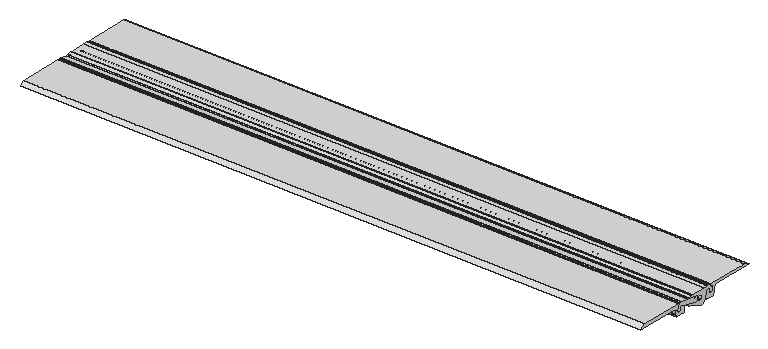
Revit family "Construction-Floors-Conecto-Aluminium Joints ALU AL.78.10", category Specialty Equipment, Revit 2015 (continued)
Definition of nested family "Standard"
  Automatic sketch dimensions
    Extrusion 11 sketch curve to Extrusion 11 sketch curve = 2.078 mm
    plane 5 to Extrusion 11 sketch curve = 16.425 mm
    Extrusion 11 sketch curve to Extrusion 11 sketch curve = 0.009 mm
    Extrusion 11 sketch curve to Extrusion 11 sketch curve = 0.041 mm
    Extrusion 11 sketch curve to Extrusion 11 sketch curve = 0.911 mm  (x2)
    Extrusion 11 sketch curve to Extrusion 11 sketch curve = 2.3 mm
    Extrusion 11 sketch curve to Extrusion 11 sketch curve = 2.339 mm
    Extrusion 11 sketch curve to Extrusion 11 sketch curve = 0.027 mm
    Extrusion 11 sketch curve to Extrusion 11 sketch curve = 0.499 mm
    Extrusion 11 sketch curve to Extrusion 11 sketch curve = 0.837 mm
    Extrusion 11 sketch curve to Extrusion 11 sketch curve = 0.786 mm  (x2)
    Extrusion 11 sketch curve to Extrusion 11 sketch curve = 0.774 mm  (x2)
    Extrusion 11 sketch curve to Extrusion 11 sketch curve = 0.425 mm
    Extrusion 11 sketch curve to Extrusion 11 sketch curve = 0.097 mm
    Extrusion 11 sketch curve to Extrusion 11 sketch curve = 0.246 mm
    Extrusion 11 sketch curve to Extrusion 11 sketch curve = 0.831 mm
    Extrusion 11 sketch curve to Extrusion 11 sketch curve = 0.349 mm
    Extrusion 11 sketch curve to Extrusion 11 sketch curve = 0.778 mm
    Extrusion 11 sketch curve to Extrusion 11 sketch curve = 0.491 mm  (x2)
    plane 5 to Extrusion 11 sketch curve = 11.198 mm
    Extrusion 11 sketch curve to Extrusion 11 sketch curve = 0.697 mm
    Extrusion 11 sketch curve to Extrusion 11 sketch curve = 3.355 mm
    Extrusion 11 sketch curve to Extrusion 11 sketch curve = 0.719 mm
    Extrusion 11 sketch curve to Extrusion 11 sketch curve = 0.595 mm
    Extrusion 11 sketch curve to Extrusion 11 sketch curve = 0.672 mm
    Extrusion 11 sketch curve to Extrusion 11 sketch curve = 0.908 mm
    Extrusion 11 sketch curve to Extrusion 11 sketch curve = 0.74 mm
    Extrusion 11 sketch curve to Extrusion 11 sketch curve = 0.885 mm  (x2)
    Extrusion 11 sketch curve to Extrusion 11 sketch curve = 0.607 mm
    Extrusion 11 sketch curve to Extrusion 11 sketch curve = 0.827 mm
    Extrusion 11 sketch curve to Extrusion 11 sketch curve = 2.153 mm
    Extrusion 11 sketch curve to Extrusion 11 sketch curve = 0.459 mm
    Extrusion 11 sketch curve to Extrusion 11 sketch curve = 0.775 mm
    Extrusion 11 sketch curve to Extrusion 11 sketch curve = 0.787 mm
    Extrusion 11 sketch curve to Extrusion 11 sketch curve = 4.161 mm
    Extrusion 11 sketch curve to Extrusion 11 sketch curve = 0.155 mm
    Extrusion 11 sketch curve to Extrusion 11 sketch curve = 2.645 mm
    Extrusion 11 sketch curve to Extrusion 11 sketch curve = 0.258 mm
    Extrusion 11 sketch curve to Extrusion 11 sketch curve = 0.789 mm
    Extrusion 11 sketch curve to Extrusion 11 sketch curve = 0.379 mm
    Extrusion 11 sketch curve to Extrusion 11 sketch curve = 0.889 mm
    Extrusion 11 sketch curve to Extrusion 11 sketch curve = 0.488 mm
    Extrusion 11 sketch curve to Extrusion 11 sketch curve = 1.704 mm
    Extrusion 11 sketch curve to Extrusion 11 sketch curve = 0.741 mm
    Extrusion 11 sketch curve to Extrusion 11 sketch curve = 0.656 mm  (x2)
    Extrusion 11 sketch curve to Extrusion 11 sketch curve = 0.298 mm
    Extrusion 11 sketch curve to Extrusion 11 sketch curve = 0.771 mm
    Extrusion 11 sketch curve to Extrusion 11 sketch curve = 0.877 mm
    Extrusion 11 sketch curve to Extrusion 11 sketch curve = 0.492 mm
    Extrusion 11 sketch curve to Extrusion 11 sketch curve = 0.714 mm
    Extrusion 11 sketch curve to Extrusion 11 sketch curve = 0.418 mm
    Extrusion 11 sketch curve to Extrusion 11 sketch curve = 0.776 mm
    Extrusion 11 sketch curve to Extrusion 11 sketch curve = 0.629 mm
    Extrusion 11 sketch curve to Extrusion 11 sketch curve = 0.721 mm
    Extrusion 11 sketch curve to Extrusion 11 sketch curve = 0.523 mm
    Extrusion 11 sketch curve to Extrusion 11 sketch curve = 0.922 mm
    Extrusion 11 sketch curve to Extrusion 11 sketch curve = 0.347 mm
    Extrusion 11 sketch curve to Extrusion 11 sketch curve = 0.484 mm
    Extrusion 11 sketch curve to Extrusion 11 sketch curve = 0.085 mm
    Extrusion 11 sketch curve to Extrusion 11 sketch curve = 0.931 mm
    Extrusion 11 sketch curve to Extrusion 11 sketch curve = 0.833 mm
    plane 5 to Extrusion 11 sketch curve = 2.025 mm  (x2)
    Extrusion 11 sketch curve to Extrusion 11 sketch curve = 0.81 mm
    plane 5 to Extrusion 11 sketch curve = 0.891 mm  (x2)
    plane 5 to Extrusion 11 sketch curve = 0.11 mm
    Extrusion 11 sketch curve to Extrusion 11 sketch curve = 0.601 mm
    Extrusion 11 sketch curve to Extrusion 11 sketch curve = 0.78 mm
    Extrusion 11 sketch curve to Extrusion 11 sketch curve = 0.804 mm
    Extrusion 11 sketch curve to Extrusion 11 sketch curve = 0.811 mm
    Extrusion 11 sketch curve to Extrusion 11 sketch curve = 2.532 mm
    Extrusion 11 sketch curve to Extrusion 11 sketch curve = 0.993 mm
    Extrusion 11 sketch curve to Extrusion 11 sketch curve = 0.391 mm
    Extrusion 11 sketch curve to Extrusion 11 sketch curve = 0.063 mm
    Extrusion 11 sketch curve to Extrusion 11 sketch curve = 0.673 mm
    Extrusion 11 sketch curve to Extrusion 11 sketch curve = 0.38 mm
    Extrusion 11 sketch curve to Extrusion 11 sketch curve = 0.252 mm
    Extrusion 11 sketch curve to Extrusion 11 sketch curve = 0.151 mm
    Extrusion 11 sketch curve to Extrusion 11 sketch curve = 3.295 mm  (x2)
    Extrusion 11 sketch curve to Extrusion 11 sketch curve = 2.553 mm
    Extrusion 11 sketch curve to Extrusion 11 sketch curve = 0.406 mm
    Extrusion 11 sketch curve to Extrusion 11 sketch curve = 3.77 mm
    Extrusion 11 sketch curve to Extrusion 11 sketch curve = 0.794 mm
    Extrusion 11 sketch curve to Extrusion 11 sketch curve = 63.318 mm
    Extrusion 11 sketch curve to Extrusion 11 sketch curve = 1.56 mm
    Extrusion 11 sketch curve to Extrusion 11 sketch curve = 0.918 mm
    Extrusion 11 sketch curve to Extrusion 11 sketch curve = 0.284 mm
    Extrusion 11 sketch curve to Extrusion 11 sketch curve = 0.587 mm
    Extrusion 11 sketch curve to Extrusion 11 sketch curve = 1.2 mm
    Extrusion 11 sketch curve to Extrusion 11 sketch curve = 1.911 mm
    Extrusion 11 sketch curve to Extrusion 11 sketch curve = 0.578 mm
    Extrusion 11 sketch curve to Extrusion 11 sketch curve = 4.832 mm
    Extrusion 11 sketch curve to Extrusion 11 sketch curve = 0.912 mm
    Extrusion 11 sketch curve to Extrusion 11 sketch curve = 0.917 mm
    Extrusion 11 sketch curve to Extrusion 11 sketch curve = 2.428 mm
    Extrusion 11 sketch curve to Extrusion 11 sketch curve = 0.795 mm
    Extrusion 11 sketch curve to Extrusion 11 sketch curve = 0.87 mm
    Extrusion 11 sketch curve to Extrusion 11 sketch curve = 2.001 mm
    Extrusion 11 sketch curve to Extrusion 11 sketch curve = 1.1 mm
    Extrusion 11 sketch curve to Extrusion 11 sketch curve = 1.105 mm
    Extrusion 11 sketch curve to Extrusion 11 sketch curve = 1.16 mm
    Extrusion 11 sketch curve to Extrusion 11 sketch curve = 0.798 mm
    Extrusion 11 sketch curve to Extrusion 11 sketch curve = 0.812 mm
    Extrusion 11 sketch curve to Extrusion 11 sketch curve = 1.3 mm
    Extrusion 11 sketch curve to Extrusion 11 sketch curve = 1.589 mm
    Extrusion 11 sketch curve to Extrusion 11 sketch curve = 0.729 mm
    Extrusion 11 sketch curve to Extrusion 11 sketch curve = 0.181 mm
    Extrusion 11 sketch curve to Extrusion 11 sketch curve = 0.71 mm
    Extrusion 11 sketch curve to Extrusion 11 sketch curve = 0.699 mm
    Extrusion 11 sketch curve to Extrusion 11 sketch curve = 0.638 mm
    Extrusion 11 sketch curve to Extrusion 11 sketch curve = 0.506 mm
    Extrusion 11 sketch curve to Extrusion 11 sketch curve = 0.373 mm
    Extrusion 11 sketch curve to Extrusion 11 sketch curve = 0.208 mm
    Extrusion 11 sketch curve to Extrusion 11 sketch curve = 0.144 mm
    Extrusion 11 sketch curve to Extrusion 11 sketch curve = 1.895 mm
    Extrusion 11 sketch curve to Extrusion 11 sketch curve = 0.735 mm
    Extrusion 11 sketch curve to Extrusion 11 sketch curve = 1.073 mm  (x2)
    Extrusion 11 sketch curve to Extrusion 11 sketch curve = 0.031 mm
    Extrusion 11 sketch curve to Extrusion 11 sketch curve = 0.237 mm
    Extrusion 11 sketch curve to Extrusion 11 sketch curve = 0.765 mm
    Extrusion 11 sketch curve to Extrusion 11 sketch curve = 2.288 mm
    plane 5 to Extrusion 12 sketch curve = 76.237 mm
    Extrusion 12 sketch curve to Extrusion 12 sketch curve = 0.134 mm
    Extrusion 12 sketch curve to Extrusion 12 sketch curve = 0.685 mm  (x2)
    Extrusion 12 sketch curve to Extrusion 12 sketch curve = 0.826 mm
    Extrusion 12 sketch curve to Extrusion 12 sketch curve = 1.425 mm
    Extrusion 12 sketch curve to Extrusion 12 sketch curve = 2.071 mm
    plane 5 to Extrusion 12 sketch curve = 16.425 mm
    Extrusion 12 sketch curve to Extrusion 12 sketch curve = 0.009 mm
    Extrusion 12 sketch curve to Extrusion 12 sketch curve = 0.041 mm
    Extrusion 12 sketch curve to Extrusion 12 sketch curve = 0.911 mm  (x2)
    Extrusion 12 sketch curve to Extrusion 12 sketch curve = 2.3 mm
    Extrusion 12 sketch curve to Extrusion 12 sketch curve = 2.339 mm
    Extrusion 12 sketch curve to Extrusion 12 sketch curve = 0.027 mm
    Extrusion 12 sketch curve to Extrusion 12 sketch curve = 0.499 mm
    Extrusion 12 sketch curve to Extrusion 12 sketch curve = 0.837 mm
    Extrusion 12 sketch curve to Extrusion 12 sketch curve = 0.786 mm  (x2)
    Extrusion 12 sketch curve to Extrusion 12 sketch curve = 0.774 mm  (x2)
    Extrusion 12 sketch curve to Extrusion 12 sketch curve = 0.425 mm
    Extrusion 12 sketch curve to Extrusion 12 sketch curve = 0.097 mm
    Extrusion 12 sketch curve to Extrusion 12 sketch curve = 0.246 mm
    Extrusion 12 sketch curve to Extrusion 12 sketch curve = 0.831 mm
    Extrusion 12 sketch curve to Extrusion 12 sketch curve = 0.349 mm
    Extrusion 12 sketch curve to Extrusion 12 sketch curve = 0.778 mm
    Extrusion 12 sketch curve to Extrusion 12 sketch curve = 0.491 mm  (x2)
    Extrusion 12 sketch curve to Extrusion 12 sketch curve = 0.697 mm
    Extrusion 12 sketch curve to Extrusion 12 sketch curve = 3.355 mm
    Extrusion 12 sketch curve to Extrusion 12 sketch curve = 0.719 mm
    Extrusion 12 sketch curve to Extrusion 12 sketch curve = 0.595 mm
    Extrusion 12 sketch curve to Extrusion 12 sketch curve = 0.672 mm
    Extrusion 12 sketch curve to Extrusion 12 sketch curve = 0.908 mm
    Extrusion 12 sketch curve to Extrusion 12 sketch curve = 0.74 mm
    Extrusion 12 sketch curve to Extrusion 12 sketch curve = 0.885 mm  (x2)
    Extrusion 12 sketch curve to Extrusion 12 sketch curve = 0.607 mm
    Extrusion 12 sketch curve to Extrusion 12 sketch curve = 0.827 mm
    Extrusion 12 sketch curve to Extrusion 12 sketch curve = 0.459 mm
    plane 5 to Extrusion 12 sketch curve = 8.705 mm
    Extrusion 12 sketch curve to Extrusion 12 sketch curve = 0.775 mm
    Extrusion 12 sketch curve to Extrusion 12 sketch curve = 0.787 mm
    Extrusion 12 sketch curve to Extrusion 12 sketch curve = 4.161 mm
    Extrusion 12 sketch curve to Extrusion 12 sketch curve = 0.155 mm
    Extrusion 12 sketch curve to Extrusion 12 sketch curve = 2.645 mm
    Extrusion 12 sketch curve to Extrusion 12 sketch curve = 0.258 mm
    Extrusion 12 sketch curve to Extrusion 12 sketch curve = 0.789 mm
    Extrusion 12 sketch curve to Extrusion 12 sketch curve = 0.379 mm
    Extrusion 12 sketch curve to Extrusion 12 sketch curve = 0.889 mm
    Extrusion 12 sketch curve to Extrusion 12 sketch curve = 0.488 mm
    Extrusion 12 sketch curve to Extrusion 12 sketch curve = 0.741 mm
    Extrusion 12 sketch curve to Extrusion 12 sketch curve = 0.656 mm  (x2)
    Extrusion 12 sketch curve to Extrusion 12 sketch curve = 0.298 mm
    Extrusion 12 sketch curve to Extrusion 12 sketch curve = 2.115 mm
    Extrusion 12 sketch curve to Extrusion 12 sketch curve = 0.877 mm
    Extrusion 12 sketch curve to Extrusion 12 sketch curve = 0.492 mm
    Extrusion 12 sketch curve to Extrusion 12 sketch curve = 0.714 mm
    Extrusion 12 sketch curve to Extrusion 12 sketch curve = 0.273 mm
    Extrusion 12 sketch curve to Extrusion 12 sketch curve = 0.776 mm
    Extrusion 12 sketch curve to Extrusion 12 sketch curve = 0.629 mm
    Extrusion 12 sketch curve to Extrusion 12 sketch curve = 0.721 mm
    Extrusion 12 sketch curve to Extrusion 12 sketch curve = 0.523 mm
    Extrusion 12 sketch curve to Extrusion 12 sketch curve = 0.922 mm
    Extrusion 12 sketch curve to Extrusion 12 sketch curve = 0.347 mm
    Extrusion 12 sketch curve to Extrusion 12 sketch curve = 0.484 mm
    Extrusion 12 sketch curve to Extrusion 12 sketch curve = 0.085 mm
    Extrusion 12 sketch curve to Extrusion 12 sketch curve = 0.931 mm
    Extrusion 12 sketch curve to Extrusion 12 sketch curve = 0.833 mm
    plane 5 to Extrusion 12 sketch curve = 2.025 mm  (x2)
    Extrusion 12 sketch curve to Extrusion 12 sketch curve = 0.81 mm
    plane 5 to Extrusion 12 sketch curve = 0.891 mm  (x2)
    plane 5 to Extrusion 12 sketch curve = 0.11 mm
    Extrusion 12 sketch curve to Extrusion 12 sketch curve = 0.218 mm
    Extrusion 12 sketch curve to Extrusion 12 sketch curve = 0.428 mm
    Extrusion 12 sketch curve to Extrusion 12 sketch curve = 0.38 mm
    Extrusion 12 sketch curve to Extrusion 12 sketch curve = 0.252 mm
    Extrusion 12 sketch curve to Extrusion 12 sketch curve = 0.151 mm
    Extrusion 12 sketch curve to Extrusion 12 sketch curve = 1.986 mm
    Extrusion 12 sketch curve to Extrusion 12 sketch curve = 2.553 mm
    Extrusion 12 sketch curve to Extrusion 12 sketch curve = 0.406 mm
    Extrusion 12 sketch curve to Extrusion 12 sketch curve = 3.77 mm
    Extrusion 12 sketch curve to Extrusion 12 sketch curve = 0.794 mm
    Extrusion 12 sketch curve to Extrusion 12 sketch curve = 53.088 mm
    Extrusion 12 sketch curve to Extrusion 12 sketch curve = 1.637 mm
    Extrusion 12 sketch curve to Extrusion 12 sketch curve = 1.221 mm
    Extrusion 12 sketch curve to Extrusion 12 sketch curve = 1.196 mm
    Extrusion 12 sketch curve to Extrusion 12 sketch curve = 1.911 mm
    Extrusion 12 sketch curve to Extrusion 12 sketch curve = 0.578 mm
    Extrusion 12 sketch curve to Extrusion 12 sketch curve = 0.175 mm
    Extrusion 12 sketch curve to Extrusion 12 sketch curve = 0.673 mm
    Extrusion 12 sketch curve to Extrusion 12 sketch curve = 3.295 mm  (x2)
    Extrusion 12 sketch curve to Extrusion 12 sketch curve = 0.993 mm
    Extrusion 12 sketch curve to Extrusion 12 sketch curve = 0.811 mm
    Extrusion 12 sketch curve to Extrusion 12 sketch curve = 0.804 mm
    Extrusion 12 sketch curve to Extrusion 12 sketch curve = 2.532 mm
    Extrusion 12 sketch curve to Extrusion 12 sketch curve = 0.601 mm
    Extrusion 12 sketch curve to Extrusion 12 sketch curve = 0.912 mm
    Extrusion 12 sketch curve to Extrusion 12 sketch curve = 0.917 mm
    Extrusion 12 sketch curve to Extrusion 12 sketch curve = 2.428 mm
    Extrusion 12 sketch curve to Extrusion 12 sketch curve = 0.795 mm
    Extrusion 12 sketch curve to Extrusion 12 sketch curve = 0.87 mm
    Extrusion 12 sketch curve to Extrusion 12 sketch curve = 2.001 mm
    Extrusion 12 sketch curve to Extrusion 12 sketch curve = 1.1 mm
    Extrusion 12 sketch curve to Extrusion 12 sketch curve = 1.105 mm
    Extrusion 12 sketch curve to Extrusion 12 sketch curve = 1.16 mm
    Extrusion 12 sketch curve to Extrusion 12 sketch curve = 0.798 mm
    Extrusion 12 sketch curve to Extrusion 12 sketch curve = 0.812 mm
    Extrusion 12 sketch curve to Extrusion 12 sketch curve = 1.3 mm
    Extrusion 12 sketch curve to Extrusion 12 sketch curve = 1.589 mm
    Extrusion 12 sketch curve to Extrusion 12 sketch curve = 0.729 mm
    Extrusion 12 sketch curve to Extrusion 12 sketch curve = 0.181 mm
    Extrusion 12 sketch curve to Extrusion 12 sketch curve = 0.71 mm
    Extrusion 12 sketch curve to Extrusion 12 sketch curve = 0.699 mm
    Extrusion 12 sketch curve to Extrusion 12 sketch curve = 0.638 mm
    Extrusion 12 sketch curve to Extrusion 12 sketch curve = 0.506 mm
    Extrusion 12 sketch curve to Extrusion 12 sketch curve = 0.373 mm
    Extrusion 12 sketch curve to Extrusion 12 sketch curve = 0.208 mm
    Extrusion 12 sketch curve to Extrusion 12 sketch curve = 0.144 mm
    Extrusion 12 sketch curve to Extrusion 12 sketch curve = 1.895 mm
    Extrusion 12 sketch curve to Extrusion 12 sketch curve = 0.735 mm
    Extrusion 12 sketch curve to Extrusion 12 sketch curve = 1.073 mm  (x2)
    Extrusion 12 sketch curve to Extrusion 12 sketch curve = 0.031 mm
    Extrusion 12 sketch curve to Extrusion 12 sketch curve = 0.237 mm
    Extrusion 12 sketch curve to Extrusion 12 sketch curve = 0.765 mm
    Extrusion 12 sketch curve to Extrusion 12 sketch curve = 1.007 mm
    plane 5 to Extrusion 13 sketch curve = 76.337 mm
    Extrusion 13 sketch curve to Extrusion 13 sketch curve = 0.134 mm
    Extrusion 13 sketch curve to Extrusion 13 sketch curve = 0.685 mm  (x2)
    Extrusion 13 sketch curve to Extrusion 13 sketch curve = 0.826 mm
    Extrusion 13 sketch curve to Extrusion 13 sketch curve = 1.425 mm
    Extrusion 13 sketch curve to Extrusion 13 sketch curve = 2.203 mm
    plane 5 to Extrusion 13 sketch curve = 16.425 mm
    Extrusion 13 sketch curve to Extrusion 13 sketch curve = 0.009 mm
    Extrusion 13 sketch curve to Extrusion 13 sketch curve = 0.032 mm
    Extrusion 13 sketch curve to Extrusion 13 sketch curve = 0.911 mm  (x2)
    Extrusion 13 sketch curve to Extrusion 13 sketch curve = 2.3 mm
    Extrusion 13 sketch curve to Extrusion 13 sketch curve = 2.339 mm
    Extrusion 13 sketch curve to Extrusion 13 sketch curve = 0.027 mm
    Extrusion 13 sketch curve to Extrusion 13 sketch curve = 0.499 mm
    Extrusion 13 sketch curve to Extrusion 13 sketch curve = 0.837 mm
    Extrusion 13 sketch curve to Extrusion 13 sketch curve = 0.786 mm  (x2)
    Extrusion 13 sketch curve to Extrusion 13 sketch curve = 0.774 mm  (x2)
    Extrusion 13 sketch curve to Extrusion 13 sketch curve = 0.425 mm
    Extrusion 13 sketch curve to Extrusion 13 sketch curve = 0.097 mm
    Extrusion 13 sketch curve to Extrusion 13 sketch curve = 0.246 mm
    Extrusion 13 sketch curve to Extrusion 13 sketch curve = 0.831 mm
    Extrusion 13 sketch curve to Extrusion 13 sketch curve = 0.349 mm
    Extrusion 13 sketch curve to Extrusion 13 sketch curve = 0.778 mm
    Extrusion 13 sketch curve to Extrusion 13 sketch curve = 0.491 mm  (x2)
    plane 5 to Extrusion 13 sketch curve = 11.216 mm
    Extrusion 13 sketch curve to Extrusion 13 sketch curve = 0.697 mm
    Extrusion 13 sketch curve to Extrusion 13 sketch curve = 3.355 mm
    Extrusion 13 sketch curve to Extrusion 13 sketch curve = 0.719 mm
    Extrusion 13 sketch curve to Extrusion 13 sketch curve = 0.595 mm
    Extrusion 13 sketch curve to Extrusion 13 sketch curve = 0.672 mm
    Extrusion 13 sketch curve to Extrusion 13 sketch curve = 0.908 mm
    Extrusion 13 sketch curve to Extrusion 13 sketch curve = 0.74 mm
    Extrusion 13 sketch curve to Extrusion 13 sketch curve = 0.885 mm  (x2)
    Extrusion 13 sketch curve to Extrusion 13 sketch curve = 0.607 mm
    Extrusion 13 sketch curve to Extrusion 13 sketch curve = 0.827 mm
    Extrusion 13 sketch curve to Extrusion 13 sketch curve = 0.459 mm
    Extrusion 13 sketch curve to Extrusion 13 sketch curve = 0.775 mm
    Extrusion 13 sketch curve to Extrusion 13 sketch curve = 2.808 mm
    Extrusion 13 sketch curve to Extrusion 13 sketch curve = 0.787 mm
    Extrusion 13 sketch curve to Extrusion 13 sketch curve = 4.161 mm
    Extrusion 13 sketch curve to Extrusion 13 sketch curve = 0.155 mm
    Extrusion 13 sketch curve to Extrusion 13 sketch curve = 2.645 mm
    Extrusion 13 sketch curve to Extrusion 13 sketch curve = 0.258 mm
    Extrusion 13 sketch curve to Extrusion 13 sketch curve = 0.789 mm
    Extrusion 13 sketch curve to Extrusion 13 sketch curve = 0.379 mm
    Extrusion 13 sketch curve to Extrusion 13 sketch curve = 0.889 mm
    Extrusion 13 sketch curve to Extrusion 13 sketch curve = 0.488 mm
    Extrusion 13 sketch curve to Extrusion 13 sketch curve = 0.741 mm
    Extrusion 13 sketch curve to Extrusion 13 sketch curve = 1.325 mm
    Extrusion 13 sketch curve to Extrusion 13 sketch curve = 0.656 mm  (x2)
    Extrusion 13 sketch curve to Extrusion 13 sketch curve = 0.298 mm
    Extrusion 13 sketch curve to Extrusion 13 sketch curve = 0.877 mm
    Extrusion 13 sketch curve to Extrusion 13 sketch curve = 0.492 mm
    Extrusion 13 sketch curve to Extrusion 13 sketch curve = 0.714 mm
    Extrusion 13 sketch curve to Extrusion 13 sketch curve = 0.273 mm
    Extrusion 13 sketch curve to Extrusion 13 sketch curve = 0.776 mm
    Extrusion 13 sketch curve to Extrusion 13 sketch curve = 0.629 mm
    Extrusion 13 sketch curve to Extrusion 13 sketch curve = 0.721 mm
    Extrusion 13 sketch curve to Extrusion 13 sketch curve = 0.523 mm
    Extrusion 13 sketch curve to Extrusion 13 sketch curve = 0.922 mm
    Extrusion 13 sketch curve to Extrusion 13 sketch curve = 0.347 mm
    Extrusion 13 sketch curve to Extrusion 13 sketch curve = 0.484 mm
    Extrusion 13 sketch curve to Extrusion 13 sketch curve = 0.085 mm
    Extrusion 13 sketch curve to Extrusion 13 sketch curve = 0.931 mm
    Extrusion 13 sketch curve to Extrusion 13 sketch curve = 0.833 mm
    plane 5 to Extrusion 13 sketch curve = 2.025 mm  (x2)
    Extrusion 13 sketch curve to Extrusion 13 sketch curve = 0.81 mm
    plane 5 to Extrusion 13 sketch curve = 0.891 mm  (x2)
    plane 5 to Extrusion 13 sketch curve = 0.11 mm
    Extrusion 13 sketch curve to Extrusion 13 sketch curve = 0.218 mm
    Extrusion 13 sketch curve to Extrusion 13 sketch curve = 0.428 mm
    Extrusion 13 sketch curve to Extrusion 13 sketch curve = 0.38 mm
    Extrusion 13 sketch curve to Extrusion 13 sketch curve = 0.252 mm
    Extrusion 13 sketch curve to Extrusion 13 sketch curve = 0.151 mm
    Extrusion 13 sketch curve to Extrusion 13 sketch curve = 1.986 mm
    Extrusion 13 sketch curve to Extrusion 13 sketch curve = 2.553 mm
    Extrusion 13 sketch curve to Extrusion 13 sketch curve = 0.406 mm
    Extrusion 13 sketch curve to Extrusion 13 sketch curve = 3.77 mm
    Extrusion 13 sketch curve to Extrusion 13 sketch curve = 0.794 mm
    Extrusion 13 sketch curve to Extrusion 13 sketch curve = 44.368 mm
    Extrusion 13 sketch curve to Extrusion 13 sketch curve = 1.15 mm
    Extrusion 13 sketch curve to Extrusion 13 sketch curve = 0.704 mm
    Extrusion 13 sketch curve to Extrusion 13 sketch curve = 1.272 mm
    Extrusion 13 sketch curve to Extrusion 13 sketch curve = 1.911 mm
    Extrusion 13 sketch curve to Extrusion 13 sketch curve = 0.578 mm
    Extrusion 13 sketch curve to Extrusion 13 sketch curve = 5.129 mm
    Extrusion 13 sketch curve to Extrusion 13 sketch curve = 0.673 mm
    Extrusion 13 sketch curve to Extrusion 13 sketch curve = 3.295 mm  (x2)
    Extrusion 13 sketch curve to Extrusion 13 sketch curve = 0.993 mm
    Extrusion 13 sketch curve to Extrusion 13 sketch curve = 0.811 mm
    Extrusion 13 sketch curve to Extrusion 13 sketch curve = 0.804 mm
    Extrusion 13 sketch curve to Extrusion 13 sketch curve = 2.532 mm
    Extrusion 13 sketch curve to Extrusion 13 sketch curve = 0.601 mm
    Extrusion 13 sketch curve to Extrusion 13 sketch curve = 0.302 mm
    Extrusion 13 sketch curve to Extrusion 13 sketch curve = 0.912 mm
    Extrusion 13 sketch curve to Extrusion 13 sketch curve = 0.917 mm
    Extrusion 13 sketch curve to Extrusion 13 sketch curve = 2.428 mm
    Extrusion 13 sketch curve to Extrusion 13 sketch curve = 0.795 mm
    Extrusion 13 sketch curve to Extrusion 13 sketch curve = 0.87 mm
    Extrusion 13 sketch curve to Extrusion 13 sketch curve = 2.001 mm
    Extrusion 13 sketch curve to Extrusion 13 sketch curve = 1.1 mm
    Extrusion 13 sketch curve to Extrusion 13 sketch curve = 1.105 mm
    Extrusion 13 sketch curve to Extrusion 13 sketch curve = 1.16 mm
    Extrusion 13 sketch curve to Extrusion 13 sketch curve = 0.798 mm
    Extrusion 13 sketch curve to Extrusion 13 sketch curve = 0.812 mm
    Extrusion 13 sketch curve to Extrusion 13 sketch curve = 1.3 mm
    Extrusion 13 sketch curve to Extrusion 13 sketch curve = 1.589 mm
    Extrusion 13 sketch curve to Extrusion 13 sketch curve = 0.729 mm
    Extrusion 13 sketch curve to Extrusion 13 sketch curve = 0.181 mm
    Extrusion 13 sketch curve to Extrusion 13 sketch curve = 0.71 mm
    Extrusion 13 sketch curve to Extrusion 13 sketch curve = 0.699 mm
    Extrusion 13 sketch curve to Extrusion 13 sketch curve = 0.638 mm
    Extrusion 13 sketch curve to Extrusion 13 sketch curve = 0.506 mm
    Extrusion 13 sketch curve to Extrusion 13 sketch curve = 0.373 mm
    Extrusion 13 sketch curve to Extrusion 13 sketch curve = 0.208 mm
    Extrusion 13 sketch curve to Extrusion 13 sketch curve = 0.144 mm
    Extrusion 13 sketch curve to Extrusion 13 sketch curve = 1.895 mm
    Extrusion 13 sketch curve to Extrusion 13 sketch curve = 0.735 mm
    Extrusion 13 sketch curve to Extrusion 13 sketch curve = 1.073 mm  (x2)
    Extrusion 13 sketch curve to Extrusion 13 sketch curve = 0.031 mm
    Extrusion 13 sketch curve to Extrusion 13 sketch curve = 0.237 mm
    Extrusion 13 sketch curve to Extrusion 13 sketch curve = 0.765 mm
    Extrusion 13 sketch curve to Extrusion 13 sketch curve = 2.288 mm
    plane 5 to Extrusion 14 sketch curve = 76.26 mm
    Extrusion 14 sketch curve to Extrusion 14 sketch curve = 0.134 mm
    Extrusion 14 sketch curve to Extrusion 14 sketch curve = 0.685 mm  (x2)
    Extrusion 14 sketch curve to Extrusion 14 sketch curve = 0.826 mm
    Extrusion 14 sketch curve to Extrusion 14 sketch curve = 1.425 mm
    Extrusion 14 sketch curve to Extrusion 14 sketch curve = 2.063 mm
    plane 5 to Extrusion 14 sketch curve = 16.424 mm
    Extrusion 14 sketch curve to Extrusion 14 sketch curve = 0.009 mm
    Extrusion 14 sketch curve to Extrusion 14 sketch curve = 0.032 mm
    Extrusion 14 sketch curve to Extrusion 14 sketch curve = 0.911 mm  (x2)
    Extrusion 14 sketch curve to Extrusion 14 sketch curve = 2.3 mm
    Extrusion 14 sketch curve to Extrusion 14 sketch curve = 2.339 mm
    Extrusion 14 sketch curve to Extrusion 14 sketch curve = 0.027 mm
    Extrusion 14 sketch curve to Extrusion 14 sketch curve = 0.499 mm
    Extrusion 14 sketch curve to Extrusion 14 sketch curve = 0.837 mm
    Extrusion 14 sketch curve to Extrusion 14 sketch curve = 0.786 mm  (x2)
    Extrusion 14 sketch curve to Extrusion 14 sketch curve = 0.774 mm  (x2)
    Extrusion 14 sketch curve to Extrusion 14 sketch curve = 0.425 mm
    Extrusion 14 sketch curve to Extrusion 14 sketch curve = 0.097 mm
    Extrusion 14 sketch curve to Extrusion 14 sketch curve = 0.246 mm
    Extrusion 14 sketch curve to Extrusion 14 sketch curve = 0.831 mm
    Extrusion 14 sketch curve to Extrusion 14 sketch curve = 0.349 mm
    Extrusion 14 sketch curve to Extrusion 14 sketch curve = 0.778 mm
    Extrusion 14 sketch curve to Extrusion 14 sketch curve = 0.491 mm  (x2)
    plane 5 to Extrusion 14 sketch curve = 11.111 mm
    Extrusion 14 sketch curve to Extrusion 14 sketch curve = 0.697 mm
    Extrusion 14 sketch curve to Extrusion 14 sketch curve = 3.355 mm
    Extrusion 14 sketch curve to Extrusion 14 sketch curve = 0.719 mm
    Extrusion 14 sketch curve to Extrusion 14 sketch curve = 0.595 mm
    Extrusion 14 sketch curve to Extrusion 14 sketch curve = 0.672 mm
    Extrusion 14 sketch curve to Extrusion 14 sketch curve = 0.908 mm
    Extrusion 14 sketch curve to Extrusion 14 sketch curve = 0.74 mm
    Extrusion 14 sketch curve to Extrusion 14 sketch curve = 0.885 mm  (x2)
    Extrusion 14 sketch curve to Extrusion 14 sketch curve = 1.689 mm
    Extrusion 14 sketch curve to Extrusion 14 sketch curve = 0.607 mm
    Extrusion 14 sketch curve to Extrusion 14 sketch curve = 0.827 mm
    Extrusion 14 sketch curve to Extrusion 14 sketch curve = 0.459 mm
    Extrusion 14 sketch curve to Extrusion 14 sketch curve = 0.789 mm  (x2)
    Extrusion 14 sketch curve to Extrusion 14 sketch curve = 0.775 mm
    Extrusion 14 sketch curve to Extrusion 14 sketch curve = 0.787 mm
    Extrusion 14 sketch curve to Extrusion 14 sketch curve = 4.012 mm
    Extrusion 14 sketch curve to Extrusion 14 sketch curve = 0.155 mm
    Extrusion 14 sketch curve to Extrusion 14 sketch curve = 2.645 mm
    Extrusion 14 sketch curve to Extrusion 14 sketch curve = 0.258 mm
    Extrusion 14 sketch curve to Extrusion 14 sketch curve = 0.379 mm
    Extrusion 14 sketch curve to Extrusion 14 sketch curve = 0.889 mm
    Extrusion 14 sketch curve to Extrusion 14 sketch curve = 0.488 mm
    Extrusion 14 sketch curve to Extrusion 14 sketch curve = 1.351 mm
    Extrusion 14 sketch curve to Extrusion 14 sketch curve = 0.741 mm
    Extrusion 14 sketch curve to Extrusion 14 sketch curve = 0.656 mm  (x2)
    Extrusion 14 sketch curve to Extrusion 14 sketch curve = 0.298 mm
    Extrusion 14 sketch curve to Extrusion 14 sketch curve = 0.735 mm  (x2)
    Extrusion 14 sketch curve to Extrusion 14 sketch curve = 0.877 mm
    Extrusion 14 sketch curve to Extrusion 14 sketch curve = 0.492 mm  (x2)
    Extrusion 14 sketch curve to Extrusion 14 sketch curve = 0.714 mm
    Extrusion 14 sketch curve to Extrusion 14 sketch curve = 0.273 mm
    Extrusion 14 sketch curve to Extrusion 14 sketch curve = 0.776 mm
    Extrusion 14 sketch curve to Extrusion 14 sketch curve = 0.629 mm
    Extrusion 14 sketch curve to Extrusion 14 sketch curve = 0.721 mm
    Extrusion 14 sketch curve to Extrusion 14 sketch curve = 0.523 mm
    Extrusion 14 sketch curve to Extrusion 14 sketch curve = 0.922 mm
    Extrusion 14 sketch curve to Extrusion 14 sketch curve = 0.347 mm
    Extrusion 14 sketch curve to Extrusion 14 sketch curve = 0.484 mm
    Extrusion 14 sketch curve to Extrusion 14 sketch curve = 0.085 mm
    Extrusion 14 sketch curve to Extrusion 14 sketch curve = 0.931 mm
    Extrusion 14 sketch curve to Extrusion 14 sketch curve = 0.833 mm
    plane 5 to Extrusion 14 sketch curve = 2.024 mm  (x2)
    Extrusion 14 sketch curve to Extrusion 14 sketch curve = 0.81 mm
    plane 5 to Extrusion 14 sketch curve = 0.889 mm  (x2)
    plane 5 to Extrusion 14 sketch curve = 0.108 mm
    Extrusion 14 sketch curve to Extrusion 14 sketch curve = 0.218 mm
    Extrusion 14 sketch curve to Extrusion 14 sketch curve = 0.428 mm
    Extrusion 14 sketch curve to Extrusion 14 sketch curve = 0.38 mm
    Extrusion 14 sketch curve to Extrusion 14 sketch curve = 0.252 mm
    Extrusion 14 sketch curve to Extrusion 14 sketch curve = 0.151 mm
    Extrusion 14 sketch curve to Extrusion 14 sketch curve = 1.986 mm
    Extrusion 14 sketch curve to Extrusion 14 sketch curve = 2.553 mm
    Extrusion 14 sketch curve to Extrusion 14 sketch curve = 0.406 mm
    Extrusion 14 sketch curve to Extrusion 14 sketch curve = 3.77 mm
    Extrusion 14 sketch curve to Extrusion 14 sketch curve = 0.794 mm
    Extrusion 14 sketch curve to Extrusion 14 sketch curve = 28.885 mm
    Extrusion 14 sketch curve to Extrusion 14 sketch curve = 1.089 mm
    Extrusion 14 sketch curve to Extrusion 14 sketch curve = 0.876 mm
    Extrusion 14 sketch curve to Extrusion 14 sketch curve = 0.069 mm
    Extrusion 14 sketch curve to Extrusion 14 sketch curve = 1.191 mm
    Extrusion 14 sketch curve to Extrusion 14 sketch curve = 1.911 mm
    Extrusion 14 sketch curve to Extrusion 14 sketch curve = 0.578 mm
    Extrusion 14 sketch curve to Extrusion 14 sketch curve = 0.175 mm
    Extrusion 14 sketch curve to Extrusion 14 sketch curve = 0.673 mm
    Extrusion 14 sketch curve to Extrusion 14 sketch curve = 3.295 mm  (x2)
    Extrusion 14 sketch curve to Extrusion 14 sketch curve = 0.993 mm
    Extrusion 14 sketch curve to Extrusion 14 sketch curve = 0.811 mm
    Extrusion 14 sketch curve to Extrusion 14 sketch curve = 0.804 mm
    Extrusion 14 sketch curve to Extrusion 14 sketch curve = 2.532 mm
    Extrusion 14 sketch curve to Extrusion 14 sketch curve = 0.601 mm
    Extrusion 14 sketch curve to Extrusion 14 sketch curve = 0.302 mm
    Extrusion 14 sketch curve to Extrusion 14 sketch curve = 0.912 mm
    Extrusion 14 sketch curve to Extrusion 14 sketch curve = 0.917 mm
    Extrusion 14 sketch curve to Extrusion 14 sketch curve = 2.428 mm
    Extrusion 14 sketch curve to Extrusion 14 sketch curve = 0.795 mm
    Extrusion 14 sketch curve to Extrusion 14 sketch curve = 0.87 mm
    Extrusion 14 sketch curve to Extrusion 14 sketch curve = 2.001 mm
    Extrusion 14 sketch curve to Extrusion 14 sketch curve = 1.1 mm
    Extrusion 14 sketch curve to Extrusion 14 sketch curve = 1.105 mm
    Extrusion 14 sketch curve to Extrusion 14 sketch curve = 1.16 mm
    Extrusion 14 sketch curve to Extrusion 14 sketch curve = 0.798 mm
    Extrusion 14 sketch curve to Extrusion 14 sketch curve = 0.812 mm
    Extrusion 14 sketch curve to Extrusion 14 sketch curve = 1.3 mm
    Extrusion 14 sketch curve to Extrusion 14 sketch curve = 1.589 mm
    Extrusion 14 sketch curve to Extrusion 14 sketch curve = 0.729 mm
    Extrusion 14 sketch curve to Extrusion 14 sketch curve = 0.181 mm
    Extrusion 14 sketch curve to Extrusion 14 sketch curve = 0.71 mm
    Extrusion 14 sketch curve to Extrusion 14 sketch curve = 0.699 mm
    Extrusion 14 sketch curve to Extrusion 14 sketch curve = 0.638 mm
    Extrusion 14 sketch curve to Extrusion 14 sketch curve = 0.506 mm
    Extrusion 14 sketch curve to Extrusion 14 sketch curve = 0.373 mm
    Extrusion 14 sketch curve to Extrusion 14 sketch curve = 0.208 mm
    Extrusion 14 sketch curve to Extrusion 14 sketch curve = 0.144 mm
    Extrusion 14 sketch curve to Extrusion 14 sketch curve = 1.895 mm
    Extrusion 14 sketch curve to Extrusion 14 sketch curve = 1.073 mm  (x2)
    Extrusion 14 sketch curve to Extrusion 14 sketch curve = 0.031 mm
    Extrusion 14 sketch curve to Extrusion 14 sketch curve = 0.237 mm
    Extrusion 14 sketch curve to Extrusion 14 sketch curve = 0.765 mm
    Extrusion 14 sketch curve to Extrusion 14 sketch curve = 2.288 mm
    plane 5 to Extrusion 15 sketch curve = 76.262 mm
    Extrusion 15 sketch curve to Extrusion 15 sketch curve = 0.134 mm
    Extrusion 15 sketch curve to Extrusion 15 sketch curve = 0.685 mm  (x2)
    Extrusion 15 sketch curve to Extrusion 15 sketch curve = 0.826 mm
    Extrusion 15 sketch curve to Extrusion 15 sketch curve = 1.425 mm
    Extrusion 15 sketch curve to Extrusion 15 sketch curve = 2.053 mm
    plane 5 to Extrusion 15 sketch curve = 16.425 mm
    Extrusion 15 sketch curve to Extrusion 15 sketch curve = 0.009 mm
    Extrusion 15 sketch curve to Extrusion 15 sketch curve = 0.032 mm
    Extrusion 15 sketch curve to Extrusion 15 sketch curve = 0.911 mm  (x2)
    Extrusion 15 sketch curve to Extrusion 15 sketch curve = 2.3 mm
    Extrusion 15 sketch curve to Extrusion 15 sketch curve = 2.339 mm
    Extrusion 15 sketch curve to Extrusion 15 sketch curve = 0.027 mm
    Extrusion 15 sketch curve to Extrusion 15 sketch curve = 0.499 mm
    Extrusion 15 sketch curve to Extrusion 15 sketch curve = 0.837 mm
    Extrusion 15 sketch curve to Extrusion 15 sketch curve = 0.786 mm  (x2)
    Extrusion 15 sketch curve to Extrusion 15 sketch curve = 0.774 mm  (x2)
    Extrusion 15 sketch curve to Extrusion 15 sketch curve = 0.425 mm
    Extrusion 15 sketch curve to Extrusion 15 sketch curve = 0.097 mm
    Extrusion 15 sketch curve to Extrusion 15 sketch curve = 0.246 mm
    Extrusion 15 sketch curve to Extrusion 15 sketch curve = 0.831 mm
    Extrusion 15 sketch curve to Extrusion 15 sketch curve = 0.349 mm
    Extrusion 15 sketch curve to Extrusion 15 sketch curve = 0.778 mm
    Extrusion 15 sketch curve to Extrusion 15 sketch curve = 0.491 mm  (x2)
    plane 5 to Extrusion 15 sketch curve = 11.219 mm
    Extrusion 15 sketch curve to Extrusion 15 sketch curve = 0.697 mm
    Extrusion 15 sketch curve to Extrusion 15 sketch curve = 3.355 mm
    Extrusion 15 sketch curve to Extrusion 15 sketch curve = 0.719 mm
    Extrusion 15 sketch curve to Extrusion 15 sketch curve = 0.595 mm
    Extrusion 15 sketch curve to Extrusion 15 sketch curve = 0.952 mm
    Extrusion 15 sketch curve to Extrusion 15 sketch curve = 0.672 mm
    Extrusion 15 sketch curve to Extrusion 15 sketch curve = 0.908 mm
    Extrusion 15 sketch curve to Extrusion 15 sketch curve = 0.74 mm
    Extrusion 15 sketch curve to Extrusion 15 sketch curve = 0.885 mm  (x2)
    Extrusion 15 sketch curve to Extrusion 15 sketch curve = 0.607 mm
    Extrusion 15 sketch curve to Extrusion 15 sketch curve = 0.827 mm
    Extrusion 15 sketch curve to Extrusion 15 sketch curve = 0.459 mm
    Extrusion 15 sketch curve to Extrusion 15 sketch curve = 0.775 mm
    Extrusion 15 sketch curve to Extrusion 15 sketch curve = 0.787 mm
    Extrusion 15 sketch curve to Extrusion 15 sketch curve = 4.161 mm
    Extrusion 15 sketch curve to Extrusion 15 sketch curve = 2.296 mm
    Extrusion 15 sketch curve to Extrusion 15 sketch curve = 0.155 mm
    Extrusion 15 sketch curve to Extrusion 15 sketch curve = 2.645 mm
    Extrusion 15 sketch curve to Extrusion 15 sketch curve = 0.258 mm
    Extrusion 15 sketch curve to Extrusion 15 sketch curve = 0.789 mm
    Extrusion 15 sketch curve to Extrusion 15 sketch curve = 0.379 mm
    Extrusion 15 sketch curve to Extrusion 15 sketch curve = 0.889 mm
    Extrusion 15 sketch curve to Extrusion 15 sketch curve = 0.488 mm
    Extrusion 15 sketch curve to Extrusion 15 sketch curve = 0.741 mm
    Extrusion 15 sketch curve to Extrusion 15 sketch curve = 1.052 mm
    Extrusion 15 sketch curve to Extrusion 15 sketch curve = 0.656 mm  (x2)
    Extrusion 15 sketch curve to Extrusion 15 sketch curve = 0.298 mm
    Extrusion 15 sketch curve to Extrusion 15 sketch curve = 0.877 mm
    Extrusion 15 sketch curve to Extrusion 15 sketch curve = 0.492 mm
    Extrusion 15 sketch curve to Extrusion 15 sketch curve = 0.714 mm
    Extrusion 15 sketch curve to Extrusion 15 sketch curve = 0.767 mm
    Extrusion 15 sketch curve to Extrusion 15 sketch curve = 0.776 mm
    Extrusion 15 sketch curve to Extrusion 15 sketch curve = 0.629 mm
    Extrusion 15 sketch curve to Extrusion 15 sketch curve = 0.721 mm
    Extrusion 15 sketch curve to Extrusion 15 sketch curve = 0.523 mm
    Extrusion 15 sketch curve to Extrusion 15 sketch curve = 0.922 mm
    Extrusion 15 sketch curve to Extrusion 15 sketch curve = 0.347 mm
    Extrusion 15 sketch curve to Extrusion 15 sketch curve = 0.484 mm
    Extrusion 15 sketch curve to Extrusion 15 sketch curve = 0.085 mm
    Extrusion 15 sketch curve to Extrusion 15 sketch curve = 0.931 mm
    Extrusion 15 sketch curve to Extrusion 15 sketch curve = 0.833 mm
    plane 5 to Extrusion 15 sketch curve = 2.025 mm  (x2)
    Extrusion 15 sketch curve to Extrusion 15 sketch curve = 0.81 mm
    plane 5 to Extrusion 15 sketch curve = 0.891 mm  (x2)
    plane 5 to Extrusion 15 sketch curve = 0.11 mm
    Extrusion 15 sketch curve to Extrusion 15 sketch curve = 30.81 mm
    Extrusion 15 sketch curve to Extrusion 15 sketch curve = 4.279 mm
    Extrusion 15 sketch curve to Extrusion 15 sketch curve = 0.241 mm
    Extrusion 15 sketch curve to Extrusion 15 sketch curve = 0.255 mm
    Extrusion 15 sketch curve to Extrusion 15 sketch curve = 0.882 mm
    Extrusion 15 sketch curve to Extrusion 15 sketch curve = 1.898 mm
    Extrusion 15 sketch curve to Extrusion 15 sketch curve = 5.162 mm
    Extrusion 15 sketch curve to Extrusion 15 sketch curve = 0.794 mm
    Extrusion 15 sketch curve to Extrusion 15 sketch curve = 2.958 mm
    Extrusion 15 sketch curve to Extrusion 15 sketch curve = 0.406 mm
    Extrusion 15 sketch curve to Extrusion 15 sketch curve = 2.164 mm
    Extrusion 15 sketch curve to Extrusion 15 sketch curve = 0.749 mm
    Extrusion 15 sketch curve to Extrusion 15 sketch curve = 0.069 mm
    Extrusion 15 sketch curve to Extrusion 15 sketch curve = 0.151 mm
    Extrusion 15 sketch curve to Extrusion 15 sketch curve = 0.252 mm
    Extrusion 15 sketch curve to Extrusion 15 sketch curve = 0.38 mm
    Extrusion 15 sketch curve to Extrusion 15 sketch curve = 0.673 mm
    Extrusion 15 sketch curve to Extrusion 15 sketch curve = 3.295 mm  (x2)
    Extrusion 15 sketch curve to Extrusion 15 sketch curve = 0.993 mm
    Extrusion 15 sketch curve to Extrusion 15 sketch curve = 0.811 mm
    Extrusion 15 sketch curve to Extrusion 15 sketch curve = 0.804 mm
    Extrusion 15 sketch curve to Extrusion 15 sketch curve = 2.532 mm
    Extrusion 15 sketch curve to Extrusion 15 sketch curve = 0.601 mm
    Extrusion 15 sketch curve to Extrusion 15 sketch curve = 0.912 mm
    Extrusion 15 sketch curve to Extrusion 15 sketch curve = 0.917 mm
    Extrusion 15 sketch curve to Extrusion 15 sketch curve = 2.428 mm
    Extrusion 15 sketch curve to Extrusion 15 sketch curve = 0.795 mm
    Extrusion 15 sketch curve to Extrusion 15 sketch curve = 0.87 mm
    Extrusion 15 sketch curve to Extrusion 15 sketch curve = 2.001 mm
    Extrusion 15 sketch curve to Extrusion 15 sketch curve = 1.1 mm
    Extrusion 15 sketch curve to Extrusion 15 sketch curve = 1.105 mm
    Extrusion 15 sketch curve to Extrusion 15 sketch curve = 1.16 mm
    Extrusion 15 sketch curve to Extrusion 15 sketch curve = 0.798 mm
    Extrusion 15 sketch curve to Extrusion 15 sketch curve = 0.812 mm
    Extrusion 15 sketch curve to Extrusion 15 sketch curve = 1.3 mm
    Extrusion 15 sketch curve to Extrusion 15 sketch curve = 1.589 mm
    Extrusion 15 sketch curve to Extrusion 15 sketch curve = 0.729 mm
    Extrusion 15 sketch curve to Extrusion 15 sketch curve = 0.181 mm
    Extrusion 15 sketch curve to Extrusion 15 sketch curve = 0.71 mm
    Extrusion 15 sketch curve to Extrusion 15 sketch curve = 0.699 mm
    Extrusion 15 sketch curve to Extrusion 15 sketch curve = 0.638 mm
    Extrusion 15 sketch curve to Extrusion 15 sketch curve = 0.506 mm
    Extrusion 15 sketch curve to Extrusion 15 sketch curve = 0.373 mm
    Extrusion 15 sketch curve to Extrusion 15 sketch curve = 0.208 mm
    Extrusion 15 sketch curve to Extrusion 15 sketch curve = 0.144 mm
    Extrusion 15 sketch curve to Extrusion 15 sketch curve = 1.895 mm
    Extrusion 15 sketch curve to Extrusion 15 sketch curve = 0.735 mm
    Extrusion 15 sketch curve to Extrusion 15 sketch curve = 1.073 mm  (x2)
    Extrusion 15 sketch curve to Extrusion 15 sketch curve = 0.031 mm
    Extrusion 15 sketch curve to Extrusion 15 sketch curve = 0.237 mm
    Extrusion 15 sketch curve to Extrusion 15 sketch curve = 0.765 mm
    Extrusion 15 sketch curve to Extrusion 15 sketch curve = 1.007 mm
    plane 5 to Extrusion 16 sketch curve = 76.279 mm
    Extrusion 16 sketch curve to Extrusion 16 sketch curve = 0.134 mm
    Extrusion 16 sketch curve to Extrusion 16 sketch curve = 0.685 mm  (x2)
    Extrusion 16 sketch curve to Extrusion 16 sketch curve = 0.826 mm
    Extrusion 16 sketch curve to Extrusion 16 sketch curve = 1.425 mm
    Extrusion 16 sketch curve to Extrusion 16 sketch curve = 2.047 mm
    plane 5 to Extrusion 16 sketch curve = 16.442 mm
    Extrusion 16 sketch curve to Extrusion 16 sketch curve = 0.009 mm
    Extrusion 16 sketch curve to Extrusion 16 sketch curve = 0.041 mm
    Extrusion 16 sketch curve to Extrusion 16 sketch curve = 0.911 mm  (x2)
    Extrusion 16 sketch curve to Extrusion 16 sketch curve = 2.3 mm
    Extrusion 16 sketch curve to Extrusion 16 sketch curve = 2.339 mm
    Extrusion 16 sketch curve to Extrusion 16 sketch curve = 0.027 mm
    Extrusion 16 sketch curve to Extrusion 16 sketch curve = 0.499 mm
    Extrusion 16 sketch curve to Extrusion 16 sketch curve = 0.837 mm
    Extrusion 16 sketch curve to Extrusion 16 sketch curve = 0.786 mm  (x2)
    Extrusion 16 sketch curve to Extrusion 16 sketch curve = 0.774 mm  (x2)
    Extrusion 16 sketch curve to Extrusion 16 sketch curve = 0.425 mm
    Extrusion 16 sketch curve to Extrusion 16 sketch curve = 0.097 mm
    Extrusion 16 sketch curve to Extrusion 16 sketch curve = 0.246 mm  (x2)
    Extrusion 16 sketch curve to Extrusion 16 sketch curve = 0.831 mm
    Extrusion 16 sketch curve to Extrusion 16 sketch curve = 0.349 mm
    Extrusion 16 sketch curve to Extrusion 16 sketch curve = 0.778 mm
    Extrusion 16 sketch curve to Extrusion 16 sketch curve = 0.491 mm  (x2)
    plane 5 to Extrusion 16 sketch curve = 11.178 mm
    Extrusion 16 sketch curve to Extrusion 16 sketch curve = 0.697 mm
    Extrusion 16 sketch curve to Extrusion 16 sketch curve = 3.355 mm
    Extrusion 16 sketch curve to Extrusion 16 sketch curve = 0.719 mm
    Extrusion 16 sketch curve to Extrusion 16 sketch curve = 0.595 mm
    Extrusion 16 sketch curve to Extrusion 16 sketch curve = 0.672 mm
    Extrusion 16 sketch curve to Extrusion 16 sketch curve = 0.908 mm
    Extrusion 16 sketch curve to Extrusion 16 sketch curve = 1.394 mm
    Extrusion 16 sketch curve to Extrusion 16 sketch curve = 0.74 mm
    Extrusion 16 sketch curve to Extrusion 16 sketch curve = 0.885 mm  (x2)
    Extrusion 16 sketch curve to Extrusion 16 sketch curve = 0.607 mm
    Extrusion 16 sketch curve to Extrusion 16 sketch curve = 0.827 mm
    Extrusion 16 sketch curve to Extrusion 16 sketch curve = 0.459 mm
    Extrusion 16 sketch curve to Extrusion 16 sketch curve = 0.775 mm
    Extrusion 16 sketch curve to Extrusion 16 sketch curve = 1.332 mm
    Extrusion 16 sketch curve to Extrusion 16 sketch curve = 0.787 mm
    Extrusion 16 sketch curve to Extrusion 16 sketch curve = 4.161 mm
    Extrusion 16 sketch curve to Extrusion 16 sketch curve = 0.155 mm
    Extrusion 16 sketch curve to Extrusion 16 sketch curve = 2.645 mm
    Extrusion 16 sketch curve to Extrusion 16 sketch curve = 0.258 mm
    Extrusion 16 sketch curve to Extrusion 16 sketch curve = 0.789 mm
    Extrusion 16 sketch curve to Extrusion 16 sketch curve = 0.379 mm
    Extrusion 16 sketch curve to Extrusion 16 sketch curve = 1.017 mm
    Extrusion 16 sketch curve to Extrusion 16 sketch curve = 0.889 mm  (x2)
    Extrusion 16 sketch curve to Extrusion 16 sketch curve = 0.488 mm
    Extrusion 16 sketch curve to Extrusion 16 sketch curve = 0.741 mm
    Extrusion 16 sketch curve to Extrusion 16 sketch curve = 0.656 mm  (x2)
    Extrusion 16 sketch curve to Extrusion 16 sketch curve = 0.298 mm
    Extrusion 16 sketch curve to Extrusion 16 sketch curve = 0.877 mm
    Extrusion 16 sketch curve to Extrusion 16 sketch curve = 0.492 mm
    Extrusion 16 sketch curve to Extrusion 16 sketch curve = 0.714 mm
    Extrusion 16 sketch curve to Extrusion 16 sketch curve = 0.376 mm
    Extrusion 16 sketch curve to Extrusion 16 sketch curve = 0.776 mm
    Extrusion 16 sketch curve to Extrusion 16 sketch curve = 0.629 mm
    Extrusion 16 sketch curve to Extrusion 16 sketch curve = 0.721 mm
    Extrusion 16 sketch curve to Extrusion 16 sketch curve = 0.523 mm
    Extrusion 16 sketch curve to Extrusion 16 sketch curve = 0.922 mm
    Extrusion 16 sketch curve to Extrusion 16 sketch curve = 0.347 mm
    Extrusion 16 sketch curve to Extrusion 16 sketch curve = 0.484 mm
    Extrusion 16 sketch curve to Extrusion 16 sketch curve = 0.085 mm
    Extrusion 16 sketch curve to Extrusion 16 sketch curve = 0.931 mm
    Extrusion 16 sketch curve to Extrusion 16 sketch curve = 0.833 mm
    plane 5 to Extrusion 16 sketch curve = 2.043 mm  (x2)
    Extrusion 16 sketch curve to Extrusion 16 sketch curve = 0.81 mm
    plane 5 to Extrusion 16 sketch curve = 0.908 mm  (x2)
    plane 5 to Extrusion 16 sketch curve = 0.127 mm
    Extrusion 16 sketch curve to Extrusion 16 sketch curve = 4.284 mm
    Extrusion 16 sketch curve to Extrusion 16 sketch curve = 0.117 mm
    Extrusion 16 sketch curve to Extrusion 16 sketch curve = 0.37 mm
    Extrusion 16 sketch curve to Extrusion 16 sketch curve = 1.059 mm
    Extrusion 16 sketch curve to Extrusion 16 sketch curve = 1.033 mm
    Extrusion 16 sketch curve to Extrusion 16 sketch curve = 5.162 mm
    Extrusion 16 sketch curve to Extrusion 16 sketch curve = 0.794 mm
    Extrusion 16 sketch curve to Extrusion 16 sketch curve = 2.958 mm
    Extrusion 16 sketch curve to Extrusion 16 sketch curve = 0.406 mm
    Extrusion 16 sketch curve to Extrusion 16 sketch curve = 2.164 mm
    Extrusion 16 sketch curve to Extrusion 16 sketch curve = 0.749 mm
    Extrusion 16 sketch curve to Extrusion 16 sketch curve = 0.069 mm
    Extrusion 16 sketch curve to Extrusion 16 sketch curve = 0.151 mm
    Extrusion 16 sketch curve to Extrusion 16 sketch curve = 0.252 mm
    Extrusion 16 sketch curve to Extrusion 16 sketch curve = 0.38 mm
    Extrusion 16 sketch curve to Extrusion 16 sketch curve = 0.673 mm
    Extrusion 16 sketch curve to Extrusion 16 sketch curve = 3.295 mm  (x2)
    Extrusion 16 sketch curve to Extrusion 16 sketch curve = 0.993 mm
    Extrusion 16 sketch curve to Extrusion 16 sketch curve = 0.811 mm
    Extrusion 16 sketch curve to Extrusion 16 sketch curve = 0.804 mm
    Extrusion 16 sketch curve to Extrusion 16 sketch curve = 2.532 mm
    Extrusion 16 sketch curve to Extrusion 16 sketch curve = 0.302 mm
    Extrusion 16 sketch curve to Extrusion 16 sketch curve = 0.912 mm
    Extrusion 16 sketch curve to Extrusion 16 sketch curve = 0.917 mm
    Extrusion 16 sketch curve to Extrusion 16 sketch curve = 2.428 mm
    Extrusion 16 sketch curve to Extrusion 16 sketch curve = 0.795 mm
    Extrusion 16 sketch curve to Extrusion 16 sketch curve = 0.87 mm
    Extrusion 16 sketch curve to Extrusion 16 sketch curve = 2.001 mm
    Extrusion 16 sketch curve to Extrusion 16 sketch curve = 1.1 mm
    Extrusion 16 sketch curve to Extrusion 16 sketch curve = 1.105 mm
    Extrusion 16 sketch curve to Extrusion 16 sketch curve = 1.16 mm
    Extrusion 16 sketch curve to Extrusion 16 sketch curve = 0.798 mm
    Extrusion 16 sketch curve to Extrusion 16 sketch curve = 0.812 mm
    Extrusion 16 sketch curve to Extrusion 16 sketch curve = 1.3 mm
    Extrusion 16 sketch curve to Extrusion 16 sketch curve = 1.589 mm
    Extrusion 16 sketch curve to Extrusion 16 sketch curve = 0.729 mm
    Extrusion 16 sketch curve to Extrusion 16 sketch curve = 0.181 mm
    Extrusion 16 sketch curve to Extrusion 16 sketch curve = 0.71 mm
    Extrusion 16 sketch curve to Extrusion 16 sketch curve = 0.699 mm
    Extrusion 16 sketch curve to Extrusion 16 sketch curve = 0.638 mm
    Extrusion 16 sketch curve to Extrusion 16 sketch curve = 0.506 mm
    Extrusion 16 sketch curve to Extrusion 16 sketch curve = 0.373 mm
    Extrusion 16 sketch curve to Extrusion 16 sketch curve = 0.208 mm
    Extrusion 16 sketch curve to Extrusion 16 sketch curve = 0.144 mm
    Extrusion 16 sketch curve to Extrusion 16 sketch curve = 1.895 mm
    Extrusion 16 sketch curve to Extrusion 16 sketch curve = 0.735 mm
    Extrusion 16 sketch curve to Extrusion 16 sketch curve = 1.073 mm  (x2)
    Extrusion 16 sketch curve to Extrusion 16 sketch curve = 0.031 mm
    Extrusion 16 sketch curve to Extrusion 16 sketch curve = 0.237 mm
    Extrusion 16 sketch curve to Extrusion 16 sketch curve = 0.765 mm
    Extrusion 16 sketch curve to Extrusion 16 sketch curve = 2.288 mm
    plane 5 to Extrusion 17 sketch curve = 84.956 mm
    Extrusion 17 sketch curve to Extrusion 17 sketch curve = 7.796 mm
    plane 5 to Extrusion 17 sketch curve = 22.428 mm
    Extrusion 17 sketch curve to Extrusion 17 sketch curve = 2.023 mm
    Extrusion 17 sketch curve to Extrusion 17 sketch curve = 1.113 mm
    Extrusion 17 sketch curve to Extrusion 17 sketch curve = 1.062 mm
    Extrusion 17 sketch curve to Extrusion 17 sketch curve = 0.775 mm
    Extrusion 17 sketch curve to Extrusion 17 sketch curve = 0.729 mm
    Extrusion 17 sketch curve to Extrusion 17 sketch curve = 0.306 mm
    Extrusion 17 sketch curve to Extrusion 17 sketch curve = 0.298 mm
    Extrusion 17 sketch curve to Extrusion 17 sketch curve = 0.832 mm
    Extrusion 17 sketch curve to Extrusion 17 sketch curve = 2.714 mm
    Extrusion 17 sketch curve to Extrusion 17 sketch curve = 0.243 mm
    Extrusion 17 sketch curve to Extrusion 17 sketch curve = 0.349 mm
    Extrusion 17 sketch curve to Extrusion 17 sketch curve = 1.943 mm
    Extrusion 17 sketch curve to Extrusion 17 sketch curve = 0.662 mm
    Extrusion 17 sketch curve to Extrusion 17 sketch curve = 0.732 mm
    Extrusion 17 sketch curve to Extrusion 17 sketch curve = 0.798 mm  (x2)
    Extrusion 17 sketch curve to Extrusion 17 sketch curve = 0.622 mm
    Extrusion 17 sketch curve to Extrusion 17 sketch curve = 1.103 mm
    Extrusion 17 sketch curve to Extrusion 17 sketch curve = 1.039 mm
    Extrusion 17 sketch curve to Extrusion 17 sketch curve = 0.511 mm
    Extrusion 17 sketch curve to Extrusion 17 sketch curve = 0.696 mm
    Extrusion 17 sketch curve to Extrusion 17 sketch curve = 0.528 mm
    Extrusion 17 sketch curve to Extrusion 17 sketch curve = 0.379 mm
    Extrusion 17 sketch curve to Extrusion 17 sketch curve = 0.766 mm
    Extrusion 17 sketch curve to Extrusion 17 sketch curve = 2.115 mm
    Extrusion 17 sketch curve to Extrusion 17 sketch curve = 0.17 mm  (x2)
    Extrusion 17 sketch curve to Extrusion 17 sketch curve = 4.075 mm
    Extrusion 17 sketch curve to Extrusion 17 sketch curve = 0.077 mm
    Extrusion 17 sketch curve to Extrusion 17 sketch curve = 0.232 mm
    Extrusion 17 sketch curve to Extrusion 17 sketch curve = 0.373 mm
    Extrusion 17 sketch curve to Extrusion 17 sketch curve = 0.289 mm
    Extrusion 17 sketch curve to Extrusion 17 sketch curve = 0.516 mm
    Extrusion 17 sketch curve to Extrusion 17 sketch curve = 0.635 mm
    Extrusion 17 sketch curve to Extrusion 17 sketch curve = 0.16 mm
    Extrusion 17 sketch curve to Extrusion 17 sketch curve = 1.009 mm
    Extrusion 17 sketch curve to Extrusion 17 sketch curve = 0.845 mm
    Extrusion 17 sketch curve to Extrusion 17 sketch curve = 1.162 mm
    Extrusion 17 sketch curve to Extrusion 17 sketch curve = 1.002 mm
    Extrusion 17 sketch curve to Extrusion 17 sketch curve = 1.018 mm
    plane 5 to Extrusion 17 sketch curve = 1.008 mm
    plane 5 to Extrusion 17 sketch curve = 0.672 mm
    plane 5 to Extrusion 17 sketch curve = 0.328 mm
    plane 5 to Extrusion 17 sketch curve = 0.012 mm
    Extrusion 17 sketch curve to Extrusion 17 sketch curve = 0.76 mm
    Extrusion 17 sketch curve to Extrusion 17 sketch curve = 0.824 mm
    Extrusion 17 sketch curve to Extrusion 17 sketch curve = 0.907 mm
    Extrusion 17 sketch curve to Extrusion 17 sketch curve = 1.22 mm
    Extrusion 17 sketch curve to Extrusion 17 sketch curve = 2.629 mm
    Extrusion 17 sketch curve to Extrusion 17 sketch curve = 0.878 mm
    Extrusion 17 sketch curve to Extrusion 17 sketch curve = 0.93 mm
    Extrusion 17 sketch curve to Extrusion 17 sketch curve = 1.667 mm
    Extrusion 17 sketch curve to Extrusion 17 sketch curve = 1.629 mm
    Extrusion 17 sketch curve to Extrusion 17 sketch curve = 0.794 mm
    Extrusion 17 sketch curve to Extrusion 17 sketch curve = 0.971 mm
    Extrusion 17 sketch curve to Extrusion 17 sketch curve = 1.003 mm
    Extrusion 17 sketch curve to Extrusion 17 sketch curve = 0.737 mm
    Extrusion 17 sketch curve to Extrusion 17 sketch curve = 1.239 mm
    Extrusion 17 sketch curve to Extrusion 17 sketch curve = 0.423 mm
    Extrusion 17 sketch curve to Extrusion 17 sketch curve = 0.543 mm
    Extrusion 17 sketch curve to Extrusion 17 sketch curve = 0.849 mm
    Extrusion 17 sketch curve to Extrusion 17 sketch curve = 0.788 mm
    Extrusion 17 sketch curve to Extrusion 17 sketch curve = 0.039 mm
    Extrusion 17 sketch curve to Extrusion 17 sketch curve = 0.749 mm
    Extrusion 17 sketch curve to Extrusion 17 sketch curve = 0.475 mm
    Extrusion 17 sketch curve to Extrusion 17 sketch curve = 0.394 mm
    Extrusion 17 sketch curve to Extrusion 17 sketch curve = 0.105 mm
    Extrusion 17 sketch curve to Extrusion 17 sketch curve = 1.841 mm
    Extrusion 17 sketch curve to Extrusion 17 sketch curve = 0.909 mm  (x2)
    Extrusion 17 sketch curve to Extrusion 17 sketch curve = 0.813 mm
    Extrusion 17 sketch curve to Extrusion 17 sketch curve = 0.946 mm
    Extrusion 17 sketch curve to Extrusion 17 sketch curve = 0.488 mm
    Extrusion 17 sketch curve to Extrusion 17 sketch curve = 1.614 mm
    plane 5 to Extrusion 18 sketch curve = 74.384 mm
    Extrusion 18 sketch curve to Extrusion 18 sketch curve = 0.43 mm
    Extrusion 18 sketch curve to Extrusion 18 sketch curve = 0.937 mm  (x2)
    Extrusion 18 sketch curve to Extrusion 18 sketch curve = 2.098 mm
    Extrusion 18 sketch curve to Extrusion 18 sketch curve = 1.054 mm  (x2)
    plane 5 to Extrusion 18 sketch curve = 17.576 mm
    Extrusion 18 sketch curve to Extrusion 18 sketch curve = 0.775 mm
    Extrusion 18 sketch curve to Extrusion 18 sketch curve = 0.377 mm
    Extrusion 18 sketch curve to Extrusion 18 sketch curve = 2.284 mm
    Extrusion 18 sketch curve to Extrusion 18 sketch curve = 0.065 mm
    Extrusion 18 sketch curve to Extrusion 18 sketch curve = 0.485 mm
    Extrusion 18 sketch curve to Extrusion 18 sketch curve = 0.623 mm  (x2)
    Extrusion 18 sketch curve to Extrusion 18 sketch curve = 1.105 mm
    Extrusion 18 sketch curve to Extrusion 18 sketch curve = 1.02 mm
    Extrusion 18 sketch curve to Extrusion 18 sketch curve = 0.107 mm
    Extrusion 18 sketch curve to Extrusion 18 sketch curve = 0.272 mm
    Extrusion 18 sketch curve to Extrusion 18 sketch curve = 0.182 mm
    Extrusion 18 sketch curve to Extrusion 18 sketch curve = 0.098 mm
    Extrusion 18 sketch curve to Extrusion 18 sketch curve = 0.591 mm
    Extrusion 18 sketch curve to Extrusion 18 sketch curve = 0.332 mm
    Extrusion 18 sketch curve to Extrusion 18 sketch curve = 0.589 mm
    Extrusion 18 sketch curve to Extrusion 18 sketch curve = 2.296 mm
    Extrusion 18 sketch curve to Extrusion 18 sketch curve = 4.118 mm
